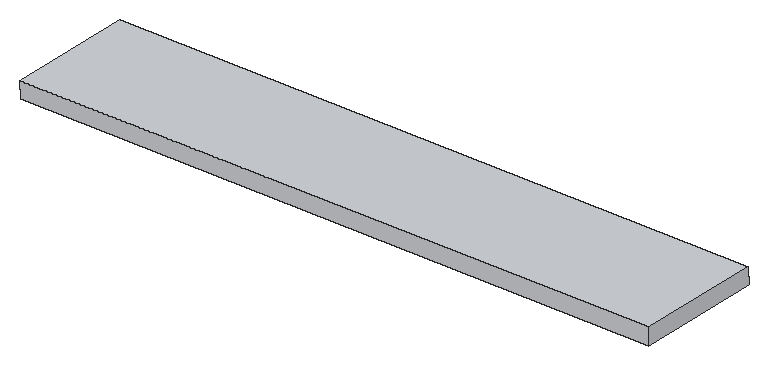
Revit family "79701_ TUPEX ELECTRIC_ALUX", category Lighting Fixtures, host Face, Revit 2018
Family settings
  Host = Face
  Round Connector Dimension = Use Diameter
  Part Type = Normal
  Cut with Voids When Loaded = No
  Light Source = Yes
  Shared = No
  Room Calculation Point = Yes
Parameters
  width = 1524 mm
  volt = 220 V
  length = 150 mm
  depth = 20 mm
  Wattage = 30 W
  built-in parameter 1150110 = 1 (stored number, unit not read)
  built-in parameter 1114217 = 1 (stored number, unit not read)
  Tilt Angle = 60.00°
  built-in parameter 1150109 = 1 (stored number, unit not read)
  built-in parameter 1150134 = 3
  built-in parameter 1150113 = 1 (stored number, unit not read)
  Photometric Web File = "79701.IES"
  built-in parameter 1150105 = 281.7 (stored number, unit not read)
  Lumens = 3540 lm
  built-in parameter 1150115 = 1 (stored number, unit not read)
  built-in parameter 1150137 = (empty or 0)
  built-in parameter 1150139 = (empty or 0)
  built-in parameter 1150112 = 1 (stored number, unit not read)
  built-in parameter 1150114 = 1 (stored number, unit not read)
  built-in parameter 1150132 = (empty or 0)
  built-in parameter 1150102 = (empty or 0)
  built-in parameter 1150107 = 3200 (stored number, unit not read)
  built-in parameter 1150138 = (empty or 0)
  built-in parameter 1150106 = 2.817 (stored number, unit not read)
  built-in parameter 1150104 = 10.963 (stored number, unit not read)
  Dimming Lamp Color Temperature Shift = (empty or 0)
  Default Elevation = 1219.2 mm
  Color Filter = 16777215
  built-in parameter 1114218 = 1 (stored number, unit not read)
  built-in parameter 1150133 = 10 (stored number, unit not read)
Reference planes
  plane 1 "Center (Front/Back)": y = 0
  plane 2: z = 0
  plane 3 "Center (Left/Right)": x = 0
  plane 4: x = 1524
  plane 5: y = -150
  plane 6: z = 20
  plane 7: z = -20
  plane 8: y = -300
  plane 9: x = 300
  plane 10: x = 600
Forms (mm)
  Extrusion 1, solid
    sketch origin (0, 0, 0) x (1, 0, 0) y (0, 0, 1)
      loop
        line (1524, 20) -> (0, 20) -> (0, -20) -> (1524, -20) -> (1524, 20)
    from 0 to 300
Dimensions and locks
  "width": plane 3 "Center (Left/Right)" to plane 4
  "length": plane 5 to plane 1 "Center (Front/Back)"
  "depth": level to plane 6
  plane 7 to level = 20 mm
  Extrusion 1 to Extrusion 1 = 300 mm
  aligned and locked: host face to plane 2
  aligned and locked: host face to level
Automatic sketch dimensions
  host sketch curve to host sketch curve = 4076.048 mm
  host sketch curve to host sketch curve = 2438.4 mm
  Extrusion 1 sketch curve to plane 6 = 0 mm
  Extrusion 1 sketch curve to plane 7 = 0 mm
  Extrusion 1 sketch curve to plane 3 "Center (Left/Right)" = 0 mm
  Extrusion 1 sketch curve to plane 4 = 0 mm
Connectors
  electrical at (762, 0, 0)
    settings: on Extrusion 1, index 1, voltage 0 V, apparent load 0 VA, apparent load phase1 0 VA, apparent load phase2 0 VA, apparent load phase3 0 VA, power factor 1, load classification "Other", number of poles 1, system type 31, power factor state 1, is connector primary yes, connector utility no, sub classification motor no, connector description ""
  electrical at (762, -150, 20), driven by "volt"
    settings: on Extrusion 1, index 2, voltage 220 V, apparent load 0 VA, apparent load phase1 42 VA, apparent load phase2 0 VA, apparent load phase3 0 VA, power factor 1, load classification "Other", number of poles 1, system type 31, power factor state 1, is connector primary no, connector utility no, sub classification motor no, connector description ""
